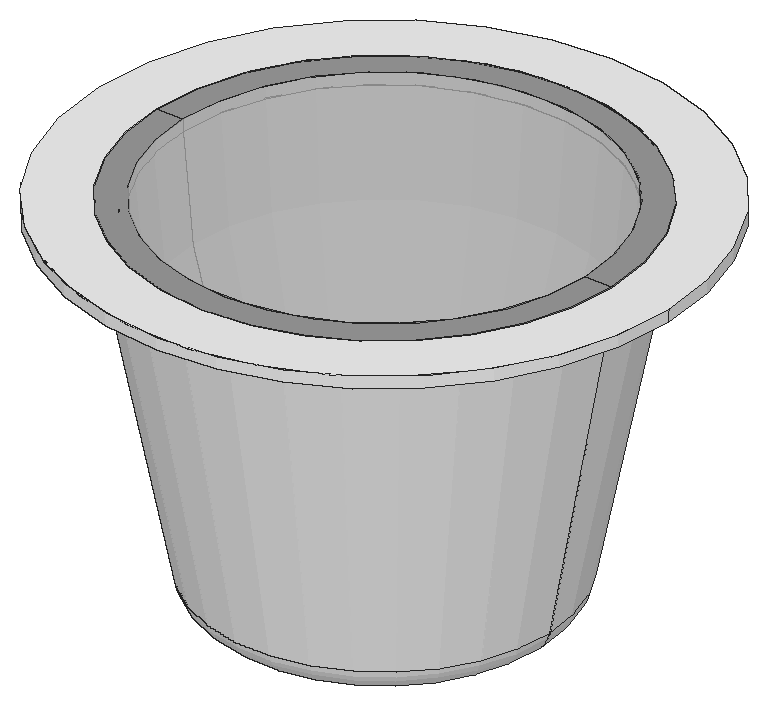
Revit family "2060505 Sylvania Lighting Fixture ASCENT100 II ARCH 650 4K STD 120", category Lighting Fixtures, host Face, Revit 2016
Family settings
  Host = Face
  Part Type = Normal
  Round Connector Dimension = Use Diameter
  OmniClass Number = 23.80.70.11.17
  OmniClass Title = Specialized Lighting by Location or Use
  Cut with Voids When Loaded = No
  Light Source = Yes
  Shared = No
  Room Calculation Point = No
Parameters (values of type "2060505 ASCT100 II ARCH 650 4K STD 120")
  Weight = "0.715 kg"
  WarrantyStartDate [instance] = "n/a"
  WarrantyGuarantorParts = "n/a"
  WarrantyDurationUnit = "n/a"
  WarrantyDurationParts = "n/a"
  WarrantyDescription = "n/a"
  Voltage = 0 V
  TypeName = "ASCENT100 II ARCH 650 4K STD 120"
  SerialNumber [instance] = "n/a"
  ReflectorRadius_SYL = Radius_SYL - 15.0 mm  # 60.0 mm
  PowerFactor = 0
  PowerConsumption = "5 W"
  NominalWidth = 0.0 mm
  NominalLength = 0.0 mm
  NominalHeight = 94.0 mm
  Name = "ASCENT100 II ARCH 650 4K STD 120"
  ModelReference = "ASCENT100 II ARCH 650 4K STD 120"
  ModelNumber = "2060505"
  Material_4_SYL = Aluminium_Sylvania_Ascent_Silver
  Radius_SYL = 75.0 mm
  Wattage = 5 W
  built-in parameter 1150110 = 1 (stored number, unit not read)
  URL = "http://www.sylvania-lighting.com"
  built-in parameter 1114217 = 1 (stored number, unit not read)
  Tilt Angle = -90°
  built-in parameter 1150109 = 1 (stored number, unit not read)
  built-in parameter 1150134 = 12
  built-in parameter 1150113 = 1 (stored number, unit not read)
  Photometric Web File = "2060505.ies"
  Material = "aluminium housing, acrylic diffuser"
  ManufacturerName = "Feilo Sylvania"
  LuminousEfficacy = "131 lm/W"
  LuminaireType = ""
  LightOutputRatio = "100"
  LampsType = Lamp  # "LED"
  LampNominalLuminous = "653 lm"
  LampMacAdamStep = "n/a"
  LampColourTemperature = "4000 K"
  LampColourRenderingIndex = "80"
  Keynote = "16500"
  InstallationDate [instance] = "n/a"
  InputVoltage = "n/a"
  InputNominalFrequency = "n/a"
  IngressProtection = "IP40"
  ImpactProtectionIndex = "IK02"
  IfcExportType = "IfcLightFixtureType"
  IfcExportAs = "IfcLightFixtureType"
  Height_SYL = 94.0 mm
  ExpectedLife = 50000
  Emit from Circle Diameter = 2 * DiffuserRadius_SYL  # 106.0 mm
  Emit Shape Visible in Rendering = no
  ElectricShockClassification = "Class II"
  DurationUnit = "hours"
  DocumentationLiterature = "http://www.sylvania-lighting.com/product/en-int/products/2060505"
  DimmingControlOptions = "n/a"
  DiffuserRadius_SYL = ReflectorRadius_SYL - 7.0 mm  # 53.0 mm
  Material_3_SYL = Polycarbonate_Sylvania_Ascent_Clear
  Diameter_SYL = 2 * Radius_SYL  # 150.0 mm
  CutoutDiameter_SYL = Diameter_SYL - 13.0 mm  # 137.0 mm
  CreatedOn = "9/17/2018"
  CreatedBy = "@sylvania-lighting.com"
  built-in parameter 1114216 [instance] = 1 (stored number, unit not read)
  Model = "ASCENT100 II ARCH 650 4K STD 120"
  Manufacturer = "Feilo Sylvania"
  built-in parameter 1150105 = 52.123 (stored number, unit not read)
  Lumens = 655 lm
  built-in parameter 1150115 = 1 (stored number, unit not read)
  built-in parameter 1150137 = (empty or 0)
  built-in parameter 1150139 = (empty or 0)
  built-in parameter 1150112 = 1 (stored number, unit not read)
  built-in parameter 1150114 = 1 (stored number, unit not read)
  Lamp = "LED"
  built-in parameter 1150132 = 2
  built-in parameter 1150102 = (empty or 0)
  built-in parameter 1150107 = 4000 (stored number, unit not read)
  built-in parameter 1150138 = (empty or 0)
  built-in parameter 1150106 = 0.52123 (stored number, unit not read)
  Material_1_SYL = Aluminum_Sylvania_Ascent_White
  built-in parameter 1150104 = 12.17 (stored number, unit not read)
  Dimming Lamp Color Temperature Shift = <None>
  Description = "Direct LED retro fit for original LED 100 Arch (120) single CFL lamp offering Matching lumen levels and improved light distribution of original LED 100 CFL lamp equivalents Typically half the power consumption compared to CFL Up to 104lm/W 120mm aperture Architectural reflector accepts range of glass accessories from existing LED 100 Arch 120 offering HE, HO and VHO versions equivalent of single 1 x 13W, 1 x 18W, 1 x 26W Additional VVHO versions which offer the performance circa 2 x 26W equivalent"  # constant formula
  Default Elevation = 0.0 mm
  Color Filter = 16777215
  built-in parameter 1140040 [instance] = 1
  BarCode [instance] = "n/a"
  built-in parameter 1114218 = 1 (stored number, unit not read)
  built-in parameter 1150133 = 10 (stored number, unit not read)
  AssetType = "Fixed"
  AssetIdentifier [instance] = "n/a"
  Assembly Code = "D5020200"
  Apparent Load = 5 VA
  Aperture_SYL = 2 * ReflectorRadius_SYL  # 120.0 mm
  Material_2_SYL = Aluminum_Sylvania_Ascent_White
Reference planes
  plane 1 "Center (Front/Back)": y = 0
  plane 2: z = 0
  plane 3 "Center (Left/Right)": x = 0
  plane 4 "Fixture Bottom": z = 3
  plane 5: z = -52.5
  plane 6 "Fixture Top": z = -91
Forms (mm)
  Extrusion 1, solid, material "Aluminum_Sylvania_Ascent_White" <- "Material_2_SYL", detail levels fine
    sketch origin (0, 0, 0) x (1, 0, 0) y (0, 1, 0)
      loop
        circle (0, 0) r 75
      loop
        circle (0, 0) r 60
    from 0 to 3
  Extrusion 2, void
    sketch origin (0, 0, 0) x (1, 0, 0) y (0, 1, 0)
      loop
        circle (0, 0) r 68.5
    from -91 to 3
  Revolve 3, solid, material "Aluminum_Sylvania_Ascent_White" <- "Material_1_SYL", detail levels fine
    sketch origin (0, 0, 0) x (1, 0, 0) y (0, 0, 1)
      loop
        line (0, -91.073) -> (0, -89.023) -> (-35.468, -89.014)
        arc (-35.468, -89.014) -> (-39.352, -87.613) -> (-41.54, -84.139) r 6.307
        line (-41.54, -84.139) -> (-57.991, -2.844) -> (-57.991, 0) -> (-60, 0) -> (-60, -3) -> (-43.5, -84.536)
        arc (-43.5, -84.536) -> (-40.643, -89.203) -> (-35.5, -91.073) r 8.291
        line (-35.5, -91.073) -> (0, -91.073)
      axis (0, 0) -> (0, -91.073)
    angle from 0 to 360
  Revolve 4, solid, material "Aluminium_Sylvania_Ascent_Silver" <- "Material_4_SYL", detail levels fine
    sketch origin (0, 0, 0) x (1, 0, 0) y (0, 0, 1)
      loop
        line (-60, 3) -> (-60, 0) -> (-55, 0)
        arc (-55, 0) -> (-52.349, -26.77) -> (-44.5, -52.5) r 136.5
        line (-44.5, -52.5) -> (-38, -52.5)
        arc (-38, -52.5) -> (-36.857, -61.521) -> (-33.5, -69.971) r 36.166
        line (-33.5, -69.971) -> (0, -69.971) -> (0, -50.5) -> (-43.16, -50.5)
        arc (-43.16, -50.5) -> (-50.517, -25.725) -> (-53, 0) r 134.5
        line (-53, 0) -> (-53, 3) -> (-60, 3)
      axis (0, 3) -> (0, -69.971)
    angle from 0 to 360
  Extrusion 5, solid, material "Polycarbonate_Sylvania_Ascent_Clear" <- "Material_3_SYL", detail levels fine
    sketch origin (0, 0, 0) x (1, 0, 0) y (0, 1, 0)
      loop
        circle (0, 0) r 53
    from 0 to 3
  Revolve 6, solid, material "Aluminum_Sylvania_Ascent_White" <- "Material_2_SYL", detail levels coarse+medium
    sketch origin (0, 0, 0) x (1, 0, 0) y (0, 0, 1)
      loop
        line (0, -91.073) -> (0, 3) -> (-75, 3) -> (-75, 0) -> (-60, 0) -> (-60, -3) -> (-43.5, -84.536)
        arc (-43.5, -84.536) -> (-40.643, -89.203) -> (-35.5, -91.073) r 8.291
        line (-35.5, -91.073) -> (0, -91.073)
      axis (0, 3) -> (0, -91.073)
    angle from 0 to 360
Dimensions and locks
  locked: plane 4 "Fixture Bottom" to plane 2 at 3
  "Height_SYL": plane 4 "Fixture Bottom" to plane 6 "Fixture Top"
  "ReflectorRadius_SYL": plane 3 "Center (Left/Right)" to Revolve 4 sketch curve
  locked: Revolve 4 sketch curve to Revolve 4 sketch curve at 15.5
  locked: Revolve 4 sketch curve to Revolve 4 sketch curve at 5
  locked: Revolve 4 sketch curve to Revolve 4 sketch curve at 7
  locked: Revolve 4 sketch curve to Revolve 4 sketch curve at 22
  locked: Revolve 4 sketch curve to Revolve 4 sketch curve at 26.5
  locked: Revolve 3 sketch curve to Revolve 3 sketch curve at 16.5
  locked: Revolve 3 sketch curve to Revolve 3 sketch curve at 24.5
  "ReflectorRadius_SYL": Revolve 3 sketch curve to plane 3 "Center (Left/Right)"
  locked: Revolve 3 sketch curve to plane 6 "Fixture Top" at 6.464
  locked: plane 2 to Revolve 3 sketch curve at 3
  locked: Revolve 3 sketch curve to Revolve 3 sketch curve at 2
  locked: Revolve 3 sketch curve to Revolve 3 sketch curve at 2.009
  locked: plane 2 to plane 5 at 52.5
  locked: Revolve 6 sketch curve to Revolve 6 sketch curve at 31.5
  locked: Revolve 6 sketch curve to Revolve 6 sketch curve at 39.5
  locked: Revolve 6 sketch curve to Revolve 6 sketch curve at 15
  "Radius_SYL": plane 3 "Center (Left/Right)" to Revolve 6 sketch curve
  "CutoutDiameter_SYL": diameter of Extrusion 2 sketch curve
  "ReflectorRadius_SYL": radius of Extrusion 1 sketch curve
  "DiffuserRadius_SYL": radius of Extrusion 5 sketch curve
  "Radius_SYL": radius of Extrusion 1 sketch curve
  aligned and locked: host face to plane 2
  aligned and locked: host face to level
  aligned and locked: plane 1 "Center (Front/Back)" to imposter light
  aligned and locked: plane 3 "Center (Left/Right)" to imposter light
  aligned and locked: plane 4 "Fixture Bottom" to Extrusion 1
  aligned and locked: Extrusion 1 to plane 2
  aligned and locked: Revolve 3 sketch curve to plane 3 "Center (Left/Right)"
  aligned and locked: Revolve 4 sketch curve to plane 3 "Center (Left/Right)"  (x2)
  aligned and locked: plane 4 "Fixture Bottom" to Revolve 4 sketch curve
  aligned and locked: Revolve 3 sketch curve to imposter light
  aligned and locked: Extrusion 5 to plane 2
  aligned and locked: imposter light to Extrusion 5
  aligned and locked: plane 2 to Revolve 3 sketch curve  (x2)
  aligned and locked: Revolve 6 sketch curve to imposter light
  aligned and locked: Revolve 6 sketch curve to plane 3 "Center (Left/Right)"
  aligned and locked: plane 6 "Fixture Top" to Extrusion 2
  aligned and locked: imposter light to Extrusion 2
  aligned and locked: imposter light to plane 4 "Fixture Bottom"
Automatic sketch dimensions
  plane 1 "Center (Front/Back)" to Extrusion 2 sketch curve = 0.0 mm
  Extrusion 2 sketch curve to plane 3 "Center (Left/Right)" = 0.0 mm
  Extrusion 1 sketch curve to Extrusion 1 sketch curve = 0.0 mm  (x2)
  plane 1 "Center (Front/Back)" to Extrusion 1 sketch curve = 0.0 mm
  Extrusion 1 sketch curve to plane 3 "Center (Left/Right)" = 0.0 mm
  plane 6 "Fixture Top" to Revolve 3 sketch curve = 0.073 mm
  Revolve 3 sketch curve to plane 6 "Fixture Top" = 6.861 mm
  Revolve 3 sketch curve to Revolve 3 sketch curve = 0.003 mm
  Revolve 3 sketch curve to Revolve 3 sketch curve = 0.009 mm  (x2)
  Revolve 3 sketch curve to Revolve 3 sketch curve = 0.023 mm
  Revolve 3 sketch curve to Revolve 3 sketch curve = 0.072 mm
  Revolve 3 sketch curve to Revolve 3 sketch curve = 0.008 mm
  Revolve 3 sketch curve to plane 6 "Fixture Top" = 1.977 mm
  Revolve 3 sketch curve to Revolve 3 sketch curve = 33.496 mm
  Revolve 3 sketch curve to Revolve 3 sketch curve = 0.028 mm
  plane 4 "Fixture Bottom" to Revolve 3 sketch curve = 82.431 mm
  Revolve 4 sketch curve to Revolve 4 sketch curve = 0.0 mm  (x2)
  Revolve 4 sketch curve to plane 5 = 0.0 mm
  Revolve 4 sketch curve to level = 0.0 mm
  plane 5 to Revolve 4 sketch curve = 2.0 mm
  plane 4 "Fixture Bottom" to Revolve 4 sketch curve = 9.642 mm
  plane 1 "Center (Front/Back)" to Extrusion 5 sketch curve = 0.0 mm
  Extrusion 5 sketch curve to plane 3 "Center (Left/Right)" = 0.0 mm
  Revolve 4 sketch curve to level = 69.971 mm
  Revolve 4 sketch curve to Revolve 4 sketch curve = 2.387 mm
  Revolve 6 sketch curve to level = 0.0 mm
  Revolve 6 sketch curve to plane 3 "Center (Left/Right)" = 0.0 mm
  Revolve 6 sketch curve to Revolve 6 sketch curve = 8.104 mm
  Revolve 6 sketch curve to level = 3.0 mm
  Revolve 6 sketch curve to plane 6 "Fixture Top" = 6.464 mm
  plane 6 "Fixture Top" to Revolve 6 sketch curve = 0.073 mm
  Revolve 6 sketch curve to Revolve 6 sketch curve = 33.496 mm
  plane 4 "Fixture Bottom" to Revolve 6 sketch curve = 82.431 mm
  host sketch curve to host sketch curve = 1368.192 mm
  host sketch curve to host sketch curve = 1600.367 mm
Connectors
  electrical at (0, 0, -91.073), driven by "Apparent Load"
    settings: on Revolve 3, index 1, voltage 240 V, apparent load 0 VA, apparent load phase1 5 VA, apparent load phase2 0 VA, apparent load phase3 0 VA, power factor 1, load classification "Lighting", number of poles 1, system type 31, power factor state 1, is connector primary yes, connector utility no, sub classification motor no, connector description ""
